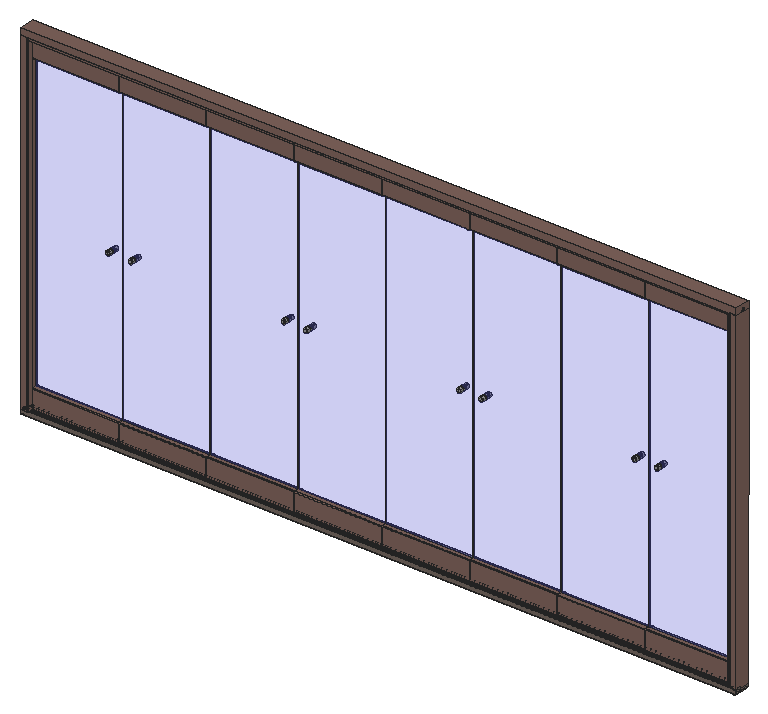
Revit family "FL8L 2385 RH", category Doors, host Wall, Revit 2015 (continued)
Automatic sketch dimensions
  Extrusion 29 sketch curve to Extrusion 29 sketch curve = 45 mm
  plane 5 to Extrusion 29 sketch curve = 188 mm
  Extrusion 29 sketch curve to Extrusion 29 sketch curve = 50 mm
  plane 5 to Extrusion 29 sketch curve = 50 mm
  Extrusion 30 sketch curve to plane 16 = 0 mm
  Extrusion 30 sketch curve to plane 15 = 0 mm
  level to Extrusion 30 sketch curve = 112 mm
  plane 5 to Extrusion 30 sketch curve = 138 mm
  Extrusion 31 sketch curve to host wall = 23 mm  (x2)
  Extrusion 31 sketch curve to Extrusion 31 sketch curve = 1.5 mm  (x2)
  level to Extrusion 31 sketch curve = 112 mm
  Extrusion 31 sketch curve to Extrusion 31 sketch curve = 50 mm  (x2)
  plane 5 to Extrusion 31 sketch curve = 188 mm
  Revolve 32 sketch curve to host wall = 24.5 mm
  Revolve 32 sketch curve to Revolve 32 sketch curve = 5 mm
  Revolve 32 sketch curve to Revolve 32 sketch curve = 2 mm  (x2)
  level to Revolve 32 sketch curve = 141.5 mm
  Revolve 32 sketch curve to Revolve 32 sketch curve = 8.5 mm
  Revolve 32 sketch curve to Revolve 32 sketch curve = 6.469 mm
  Revolve 32 sketch curve to Revolve 32 sketch curve = 5.515 mm
  Revolve 32 sketch curve to Revolve 32 sketch curve = 4.5 mm
  Revolve 33 sketch curve to host wall = 24.5 mm
  Revolve 33 sketch curve to Revolve 33 sketch curve = 5 mm
  Revolve 33 sketch curve to Revolve 33 sketch curve = 2 mm  (x2)
  level to Revolve 33 sketch curve = 152 mm
  Revolve 33 sketch curve to Revolve 33 sketch curve = 8.5 mm
  Revolve 33 sketch curve to Revolve 33 sketch curve = 6.469 mm
  Revolve 33 sketch curve to Revolve 33 sketch curve = 5.515 mm
  Revolve 33 sketch curve to Revolve 33 sketch curve = 4.5 mm
  Revolve 34 sketch curve to host wall = 24.5 mm
  Revolve 34 sketch curve to Revolve 34 sketch curve = 5 mm
  Revolve 34 sketch curve to Revolve 34 sketch curve = 2 mm  (x2)
  plane 5 to Revolve 34 sketch curve = 158.5 mm
  Revolve 34 sketch curve to Revolve 34 sketch curve = 8.5 mm
  Revolve 34 sketch curve to Revolve 34 sketch curve = 6.469 mm
  Revolve 34 sketch curve to Revolve 34 sketch curve = 5.515 mm
  Revolve 34 sketch curve to Revolve 34 sketch curve = 4.5 mm
  Revolve 35 sketch curve to host wall = 24.5 mm
  Revolve 35 sketch curve to Revolve 35 sketch curve = 5 mm
  Revolve 35 sketch curve to Revolve 35 sketch curve = 2 mm  (x2)
  plane 5 to Revolve 35 sketch curve = 148 mm
  Revolve 35 sketch curve to Revolve 35 sketch curve = 8.5 mm
  Revolve 35 sketch curve to Revolve 35 sketch curve = 6.469 mm
  Revolve 35 sketch curve to Revolve 35 sketch curve = 5.515 mm
  Revolve 35 sketch curve to Revolve 35 sketch curve = 4.5 mm
  host wall to Extrusion 36 sketch curve = 20.5 mm  (x2)
  Extrusion 36 sketch curve to Extrusion 36 sketch curve = 5 mm  (x5)
  Extrusion 36 sketch curve to host wall = 13 mm  (x2)
  Extrusion 36 sketch curve to host wall = 24.5 mm
  Extrusion 36 sketch curve to Extrusion 36 sketch curve = 11.5 mm
  level to Extrusion 36 sketch curve = 24 mm
  Extrusion 36 sketch curve to Extrusion 36 sketch curve = 13 mm
  Extrusion 36 sketch curve to Extrusion 36 sketch curve = 75 mm
  Extrusion 36 sketch curve to Extrusion 36 sketch curve = 45 mm
  plane 5 to Extrusion 36 sketch curve = 188 mm
  Extrusion 36 sketch curve to Extrusion 36 sketch curve = 50 mm
  plane 5 to Extrusion 36 sketch curve = 50 mm
  Extrusion 37 sketch curve to plane 18 = 0 mm
  Extrusion 37 sketch curve to plane 17 = 0 mm
  level to Extrusion 37 sketch curve = 112 mm
  plane 5 to Extrusion 37 sketch curve = 138 mm
  Extrusion 38 sketch curve to host wall = 23 mm  (x2)
  Extrusion 38 sketch curve to Extrusion 38 sketch curve = 1.5 mm  (x2)
  level to Extrusion 38 sketch curve = 112 mm
  Extrusion 38 sketch curve to Extrusion 38 sketch curve = 50 mm  (x2)
  plane 5 to Extrusion 38 sketch curve = 188 mm
  Revolve 39 sketch curve to host wall = 24.5 mm
  Revolve 39 sketch curve to Revolve 39 sketch curve = 5 mm
  Revolve 39 sketch curve to Revolve 39 sketch curve = 2 mm  (x2)
  level to Revolve 39 sketch curve = 141.5 mm
  Revolve 39 sketch curve to Revolve 39 sketch curve = 8.5 mm
  Revolve 39 sketch curve to Revolve 39 sketch curve = 6.469 mm
  Revolve 39 sketch curve to Revolve 39 sketch curve = 5.515 mm
  Revolve 39 sketch curve to Revolve 39 sketch curve = 4.5 mm
  Revolve 40 sketch curve to host wall = 24.5 mm
  Revolve 40 sketch curve to Revolve 40 sketch curve = 5 mm
  Revolve 40 sketch curve to Revolve 40 sketch curve = 2 mm  (x2)
  level to Revolve 40 sketch curve = 152 mm
  Revolve 40 sketch curve to Revolve 40 sketch curve = 8.5 mm
  Revolve 40 sketch curve to Revolve 40 sketch curve = 6.469 mm
  Revolve 40 sketch curve to Revolve 40 sketch curve = 5.515 mm
  Revolve 40 sketch curve to Revolve 40 sketch curve = 4.5 mm
  Revolve 41 sketch curve to host wall = 24.5 mm
  Revolve 41 sketch curve to Revolve 41 sketch curve = 5 mm
  Revolve 41 sketch curve to Revolve 41 sketch curve = 2 mm  (x2)
  plane 5 to Revolve 41 sketch curve = 158.5 mm
  Revolve 41 sketch curve to Revolve 41 sketch curve = 8.5 mm
  Revolve 41 sketch curve to Revolve 41 sketch curve = 6.469 mm
  Revolve 41 sketch curve to Revolve 41 sketch curve = 5.515 mm
  Revolve 41 sketch curve to Revolve 41 sketch curve = 4.5 mm
  Revolve 42 sketch curve to host wall = 24.5 mm
  Revolve 42 sketch curve to Revolve 42 sketch curve = 5 mm
  Revolve 42 sketch curve to Revolve 42 sketch curve = 2 mm  (x2)
  plane 5 to Revolve 42 sketch curve = 148 mm
  Revolve 42 sketch curve to Revolve 42 sketch curve = 8.5 mm
  Revolve 42 sketch curve to Revolve 42 sketch curve = 6.469 mm
  Revolve 42 sketch curve to Revolve 42 sketch curve = 5.515 mm
  Revolve 42 sketch curve to Revolve 42 sketch curve = 4.5 mm
  host wall to Extrusion 43 sketch curve = 20.5 mm  (x2)
  Extrusion 43 sketch curve to Extrusion 43 sketch curve = 5 mm  (x5)
  Extrusion 43 sketch curve to host wall = 13 mm  (x2)
  Extrusion 43 sketch curve to host wall = 24.5 mm
  Extrusion 43 sketch curve to Extrusion 43 sketch curve = 11.5 mm
  level to Extrusion 43 sketch curve = 24 mm
  Extrusion 43 sketch curve to Extrusion 43 sketch curve = 13 mm
  Extrusion 43 sketch curve to Extrusion 43 sketch curve = 75 mm
  Extrusion 43 sketch curve to Extrusion 43 sketch curve = 45 mm
  plane 5 to Extrusion 43 sketch curve = 188 mm
  Extrusion 43 sketch curve to Extrusion 43 sketch curve = 50 mm
  plane 5 to Extrusion 43 sketch curve = 50 mm
  Extrusion 44 sketch curve to plane 20 = 0 mm
  Extrusion 44 sketch curve to plane 19 = 0 mm
  level to Extrusion 44 sketch curve = 112 mm
  plane 5 to Extrusion 44 sketch curve = 138 mm
  Extrusion 45 sketch curve to host wall = 23 mm  (x2)
  Extrusion 45 sketch curve to Extrusion 45 sketch curve = 1.5 mm  (x2)
  level to Extrusion 45 sketch curve = 112 mm
  Extrusion 45 sketch curve to Extrusion 45 sketch curve = 50 mm  (x2)
  plane 5 to Extrusion 45 sketch curve = 188 mm
  Revolve 46 sketch curve to host wall = 24.5 mm
  Revolve 46 sketch curve to Revolve 46 sketch curve = 5 mm
  Revolve 46 sketch curve to Revolve 46 sketch curve = 2 mm  (x2)
  level to Revolve 46 sketch curve = 141.5 mm
  Revolve 46 sketch curve to Revolve 46 sketch curve = 8.5 mm
  Revolve 46 sketch curve to Revolve 46 sketch curve = 6.469 mm
  Revolve 46 sketch curve to Revolve 46 sketch curve = 5.515 mm
  Revolve 46 sketch curve to Revolve 46 sketch curve = 4.5 mm
  Revolve 47 sketch curve to host wall = 24.5 mm
  Revolve 47 sketch curve to Revolve 47 sketch curve = 5 mm
  Revolve 47 sketch curve to Revolve 47 sketch curve = 2 mm  (x2)
  level to Revolve 47 sketch curve = 152 mm
  Revolve 47 sketch curve to Revolve 47 sketch curve = 8.5 mm
  Revolve 47 sketch curve to Revolve 47 sketch curve = 6.469 mm
  Revolve 47 sketch curve to Revolve 47 sketch curve = 5.515 mm
  Revolve 47 sketch curve to Revolve 47 sketch curve = 4.5 mm
  Revolve 48 sketch curve to host wall = 24.5 mm
  Revolve 48 sketch curve to Revolve 48 sketch curve = 5 mm
  Revolve 48 sketch curve to Revolve 48 sketch curve = 2 mm  (x2)
  plane 5 to Revolve 48 sketch curve = 158.5 mm
  Revolve 48 sketch curve to Revolve 48 sketch curve = 8.5 mm
  Revolve 48 sketch curve to Revolve 48 sketch curve = 6.469 mm
  Revolve 48 sketch curve to Revolve 48 sketch curve = 5.515 mm
  Revolve 48 sketch curve to Revolve 48 sketch curve = 4.5 mm
  Revolve 49 sketch curve to host wall = 24.5 mm
  Revolve 49 sketch curve to Revolve 49 sketch curve = 5 mm
  Revolve 49 sketch curve to Revolve 49 sketch curve = 2 mm  (x2)
  plane 5 to Revolve 49 sketch curve = 148 mm
  Revolve 49 sketch curve to Revolve 49 sketch curve = 8.5 mm
  Revolve 49 sketch curve to Revolve 49 sketch curve = 6.469 mm
  Revolve 49 sketch curve to Revolve 49 sketch curve = 5.515 mm
  Revolve 49 sketch curve to Revolve 49 sketch curve = 4.5 mm
  host wall to Extrusion 50 sketch curve = 20.5 mm  (x2)
  Extrusion 50 sketch curve to Extrusion 50 sketch curve = 5 mm  (x5)
  Extrusion 50 sketch curve to host wall = 13 mm  (x2)
  Extrusion 50 sketch curve to host wall = 24.5 mm
  Extrusion 50 sketch curve to Extrusion 50 sketch curve = 11.5 mm
  level to Extrusion 50 sketch curve = 24 mm
  Extrusion 50 sketch curve to Extrusion 50 sketch curve = 13 mm
  Extrusion 50 sketch curve to Extrusion 50 sketch curve = 75 mm
  Extrusion 50 sketch curve to Extrusion 50 sketch curve = 45 mm
  plane 5 to Extrusion 50 sketch curve = 188 mm
  Extrusion 50 sketch curve to Extrusion 50 sketch curve = 50 mm
  plane 5 to Extrusion 50 sketch curve = 50 mm
  Extrusion 51 sketch curve to plane 22 = 0 mm
  Extrusion 51 sketch curve to plane 21 = 0 mm
  level to Extrusion 51 sketch curve = 112 mm
  plane 5 to Extrusion 51 sketch curve = 138 mm
  Extrusion 52 sketch curve to host wall = 23 mm  (x2)
  Extrusion 52 sketch curve to Extrusion 52 sketch curve = 1.5 mm  (x2)
  level to Extrusion 52 sketch curve = 112 mm
  Extrusion 52 sketch curve to Extrusion 52 sketch curve = 50 mm  (x2)
  plane 5 to Extrusion 52 sketch curve = 188 mm
  Revolve 53 sketch curve to host wall = 24.5 mm
  Revolve 53 sketch curve to Revolve 53 sketch curve = 5 mm
  Revolve 53 sketch curve to Revolve 53 sketch curve = 2 mm  (x2)
  level to Revolve 53 sketch curve = 141.5 mm
  Revolve 53 sketch curve to Revolve 53 sketch curve = 8.5 mm
  Revolve 53 sketch curve to Revolve 53 sketch curve = 6.469 mm
  Revolve 53 sketch curve to Revolve 53 sketch curve = 5.515 mm
  Revolve 53 sketch curve to Revolve 53 sketch curve = 4.5 mm
  Revolve 54 sketch curve to host wall = 24.5 mm
  Revolve 54 sketch curve to Revolve 54 sketch curve = 5 mm
  Revolve 54 sketch curve to Revolve 54 sketch curve = 2 mm  (x2)
  level to Revolve 54 sketch curve = 152 mm
  Revolve 54 sketch curve to Revolve 54 sketch curve = 8.5 mm
  Revolve 54 sketch curve to Revolve 54 sketch curve = 6.469 mm
  Revolve 54 sketch curve to Revolve 54 sketch curve = 5.515 mm
  Revolve 54 sketch curve to Revolve 54 sketch curve = 4.5 mm
  Revolve 55 sketch curve to host wall = 24.5 mm
  Revolve 55 sketch curve to Revolve 55 sketch curve = 5 mm
  Revolve 55 sketch curve to Revolve 55 sketch curve = 2 mm  (x2)
  plane 5 to Revolve 55 sketch curve = 158.5 mm
  Revolve 55 sketch curve to Revolve 55 sketch curve = 8.5 mm
  Revolve 55 sketch curve to Revolve 55 sketch curve = 6.469 mm
  Revolve 55 sketch curve to Revolve 55 sketch curve = 5.515 mm
  Revolve 55 sketch curve to Revolve 55 sketch curve = 4.5 mm
  Revolve 56 sketch curve to host wall = 24.5 mm
  Revolve 56 sketch curve to Revolve 56 sketch curve = 5 mm
  Revolve 56 sketch curve to Revolve 56 sketch curve = 2 mm  (x2)
  plane 5 to Revolve 56 sketch curve = 148 mm
  Revolve 56 sketch curve to Revolve 56 sketch curve = 8.5 mm
  Revolve 56 sketch curve to Revolve 56 sketch curve = 6.469 mm
  Revolve 56 sketch curve to Revolve 56 sketch curve = 5.515 mm
  Revolve 56 sketch curve to Revolve 56 sketch curve = 4.5 mm
  host wall to Extrusion 57 sketch curve = 20.5 mm  (x2)
  Extrusion 57 sketch curve to Extrusion 57 sketch curve = 5 mm  (x5)
  Extrusion 57 sketch curve to host wall = 13 mm  (x2)
  Extrusion 57 sketch curve to host wall = 24.5 mm
  Extrusion 57 sketch curve to Extrusion 57 sketch curve = 11.5 mm
  level to Extrusion 57 sketch curve = 24 mm
  Extrusion 57 sketch curve to Extrusion 57 sketch curve = 13 mm
  Extrusion 57 sketch curve to Extrusion 57 sketch curve = 75 mm
  Extrusion 57 sketch curve to Extrusion 57 sketch curve = 45 mm
  plane 5 to Extrusion 57 sketch curve = 188 mm
  Extrusion 57 sketch curve to Extrusion 57 sketch curve = 50 mm
  plane 5 to Extrusion 57 sketch curve = 50 mm
  Extrusion 58 sketch curve to plane 24 = 0 mm
  Extrusion 58 sketch curve to plane 23 = 0 mm
  level to Extrusion 58 sketch curve = 112 mm
  plane 5 to Extrusion 58 sketch curve = 138 mm
  Extrusion 59 sketch curve to host wall = 23 mm  (x2)
  Extrusion 59 sketch curve to Extrusion 59 sketch curve = 1.5 mm  (x2)
  level to Extrusion 59 sketch curve = 112 mm
  Extrusion 59 sketch curve to Extrusion 59 sketch curve = 50 mm  (x2)
  plane 5 to Extrusion 59 sketch curve = 188 mm
  Revolve 60 sketch curve to host wall = 24.5 mm
  Revolve 60 sketch curve to Revolve 60 sketch curve = 5 mm
  Revolve 60 sketch curve to Revolve 60 sketch curve = 2 mm  (x2)
  level to Revolve 60 sketch curve = 141.5 mm
  Revolve 60 sketch curve to Revolve 60 sketch curve = 8.5 mm
  Revolve 60 sketch curve to Revolve 60 sketch curve = 6.469 mm
  Revolve 60 sketch curve to Revolve 60 sketch curve = 5.515 mm
  Revolve 60 sketch curve to Revolve 60 sketch curve = 4.5 mm
  Revolve 61 sketch curve to host wall = 24.5 mm
  Revolve 61 sketch curve to Revolve 61 sketch curve = 5 mm
  Revolve 61 sketch curve to Revolve 61 sketch curve = 2 mm  (x2)
  level to Revolve 61 sketch curve = 152 mm
  Revolve 61 sketch curve to Revolve 61 sketch curve = 8.5 mm
  Revolve 61 sketch curve to Revolve 61 sketch curve = 6.469 mm
  Revolve 61 sketch curve to Revolve 61 sketch curve = 5.515 mm
  Revolve 61 sketch curve to Revolve 61 sketch curve = 4.5 mm
  Revolve 62 sketch curve to host wall = 24.5 mm
  Revolve 62 sketch curve to Revolve 62 sketch curve = 5 mm
  Revolve 62 sketch curve to Revolve 62 sketch curve = 2 mm  (x2)
  plane 5 to Revolve 62 sketch curve = 158.5 mm
  Revolve 62 sketch curve to Revolve 62 sketch curve = 8.5 mm
  Revolve 62 sketch curve to Revolve 62 sketch curve = 6.469 mm
  Revolve 62 sketch curve to Revolve 62 sketch curve = 5.515 mm
  Revolve 62 sketch curve to Revolve 62 sketch curve = 4.5 mm
  Revolve 63 sketch curve to host wall = 24.5 mm
  Revolve 63 sketch curve to Revolve 63 sketch curve = 5 mm
  Revolve 63 sketch curve to Revolve 63 sketch curve = 2 mm  (x2)
  plane 5 to Revolve 63 sketch curve = 148 mm
  Revolve 63 sketch curve to Revolve 63 sketch curve = 8.5 mm
  Revolve 63 sketch curve to Revolve 63 sketch curve = 6.469 mm
  Revolve 63 sketch curve to Revolve 63 sketch curve = 5.515 mm
  Revolve 63 sketch curve to Revolve 63 sketch curve = 4.5 mm
  Revolve 64 sketch curve to host wall = 23 mm
  Revolve 64 sketch curve to Revolve 64 sketch curve = 3 mm
  Revolve 64 sketch curve to Revolve 64 sketch curve = 5 mm  (x2)
  Revolve 64 sketch curve to Revolve 64 sketch curve = 16 mm
  Revolve 64 sketch curve to Revolve 64 sketch curve = 1 mm  (x2)
  level to Revolve 64 sketch curve = 1179.5 mm
  Revolve 64 sketch curve to Revolve 64 sketch curve = 10 mm
  Revolve 64 sketch curve to Revolve 64 sketch curve = 14 mm
  Revolve 64 sketch curve to Revolve 64 sketch curve = 0 mm  (x3)
  Revolve 65 sketch curve to host wall = 0 mm
  Revolve 65 sketch curve to host wall = 5 mm
  Revolve 65 sketch curve to Revolve 65 sketch curve = 5 mm
  Revolve 65 sketch curve to Revolve 65 sketch curve = 3 mm
  host wall to Revolve 65 sketch curve = 16 mm
  Revolve 65 sketch curve to Revolve 65 sketch curve = 1 mm  (x2)
  plane 5 to Revolve 65 sketch curve = 1190.5 mm
  Revolve 65 sketch curve to Revolve 65 sketch curve = 0 mm  (x4)
  Revolve 65 sketch curve to Revolve 65 sketch curve = 14 mm
  Revolve 66 sketch curve to host wall = 23 mm
  Revolve 66 sketch curve to Revolve 66 sketch curve = 3 mm
  Revolve 66 sketch curve to Revolve 66 sketch curve = 5 mm  (x2)
  Revolve 66 sketch curve to Revolve 66 sketch curve = 16 mm
  Revolve 66 sketch curve to Revolve 66 sketch curve = 1 mm  (x2)
  level to Revolve 66 sketch curve = 1179.5 mm
  Revolve 66 sketch curve to Revolve 66 sketch curve = 10 mm
  Revolve 66 sketch curve to Revolve 66 sketch curve = 14 mm
  Revolve 66 sketch curve to Revolve 66 sketch curve = 0 mm  (x3)
  Revolve 67 sketch curve to host wall = 0 mm
  Revolve 67 sketch curve to host wall = 5 mm
  Revolve 67 sketch curve to Revolve 67 sketch curve = 5 mm
  Revolve 67 sketch curve to Revolve 67 sketch curve = 3 mm
  host wall to Revolve 67 sketch curve = 16 mm
  Revolve 67 sketch curve to Revolve 67 sketch curve = 1 mm  (x2)
  plane 5 to Revolve 67 sketch curve = 1190.5 mm
  Revolve 67 sketch curve to Revolve 67 sketch curve = 0 mm  (x4)
  Revolve 67 sketch curve to Revolve 67 sketch curve = 14 mm
  Revolve 68 sketch curve to host wall = 23 mm
  Revolve 68 sketch curve to Revolve 68 sketch curve = 3 mm
  Revolve 68 sketch curve to Revolve 68 sketch curve = 5 mm  (x2)
  Revolve 68 sketch curve to Revolve 68 sketch curve = 16 mm
  Revolve 68 sketch curve to Revolve 68 sketch curve = 1 mm  (x2)
  level to Revolve 68 sketch curve = 1179.5 mm
  Revolve 68 sketch curve to Revolve 68 sketch curve = 10 mm
  Revolve 68 sketch curve to Revolve 68 sketch curve = 14 mm
  Revolve 68 sketch curve to Revolve 68 sketch curve = 0 mm  (x3)
  Revolve 69 sketch curve to host wall = 0 mm
  Revolve 69 sketch curve to host wall = 5 mm
  Revolve 69 sketch curve to Revolve 69 sketch curve = 5 mm
  Revolve 69 sketch curve to Revolve 69 sketch curve = 3 mm
  host wall to Revolve 69 sketch curve = 16 mm
  Revolve 69 sketch curve to Revolve 69 sketch curve = 1 mm  (x2)
  plane 5 to Revolve 69 sketch curve = 1190.5 mm
  Revolve 69 sketch curve to Revolve 69 sketch curve = 0 mm  (x4)
  Revolve 69 sketch curve to Revolve 69 sketch curve = 14 mm
  Revolve 70 sketch curve to host wall = 23 mm
  Revolve 70 sketch curve to Revolve 70 sketch curve = 3 mm
  Revolve 70 sketch curve to Revolve 70 sketch curve = 5 mm  (x2)
  Revolve 70 sketch curve to Revolve 70 sketch curve = 16 mm
  Revolve 70 sketch curve to Revolve 70 sketch curve = 1 mm  (x2)
  level to Revolve 70 sketch curve = 1179.5 mm
  Revolve 70 sketch curve to Revolve 70 sketch curve = 10 mm
  Revolve 70 sketch curve to Revolve 70 sketch curve = 14 mm
  Revolve 70 sketch curve to Revolve 70 sketch curve = 0 mm  (x3)
  Revolve 71 sketch curve to host wall = 0 mm
  Revolve 71 sketch curve to host wall = 5 mm
  Revolve 71 sketch curve to Revolve 71 sketch curve = 5 mm
  Revolve 71 sketch curve to Revolve 71 sketch curve = 3 mm
  host wall to Revolve 71 sketch curve = 16 mm
  Revolve 71 sketch curve to Revolve 71 sketch curve = 1 mm  (x2)
  plane 5 to Revolve 71 sketch curve = 1190.5 mm
  Revolve 71 sketch curve to Revolve 71 sketch curve = 0 mm  (x4)
  Revolve 71 sketch curve to Revolve 71 sketch curve = 14 mm
  Revolve 72 sketch curve to host wall = 23 mm
  Revolve 72 sketch curve to Revolve 72 sketch curve = 3 mm
  Revolve 72 sketch curve to Revolve 72 sketch curve = 5 mm  (x2)
  Revolve 72 sketch curve to Revolve 72 sketch curve = 16 mm
  Revolve 72 sketch curve to Revolve 72 sketch curve = 1 mm  (x2)
  plane 5 to Revolve 72 sketch curve = 1190.5 mm
  Revolve 72 sketch curve to Revolve 72 sketch curve = 0 mm  (x4)
  Revolve 72 sketch curve to Revolve 72 sketch curve = 14 mm
  Revolve 73 sketch curve to host wall = 23 mm
  Revolve 73 sketch curve to Revolve 73 sketch curve = 3 mm
  Revolve 73 sketch curve to Revolve 73 sketch curve = 5 mm  (x2)
  Revolve 73 sketch curve to Revolve 73 sketch curve = 16 mm
  Revolve 73 sketch curve to Revolve 73 sketch curve = 1 mm  (x2)
  plane 5 to Revolve 73 sketch curve = 1190.5 mm
  Revolve 73 sketch curve to Revolve 73 sketch curve = 0 mm  (x4)
  Revolve 73 sketch curve to Revolve 73 sketch curve = 14 mm
  Revolve 74 sketch curve to host wall = 23 mm
  Revolve 74 sketch curve to Revolve 74 sketch curve = 3 mm
  Revolve 74 sketch curve to Revolve 74 sketch curve = 5 mm  (x2)
  Revolve 74 sketch curve to Revolve 74 sketch curve = 16 mm
  Revolve 74 sketch curve to Revolve 74 sketch curve = 1 mm  (x2)
  plane 5 to Revolve 74 sketch curve = 1190.5 mm
  Revolve 74 sketch curve to Revolve 74 sketch curve = 0 mm  (x4)
  Revolve 74 sketch curve to Revolve 74 sketch curve = 14 mm
  Revolve 75 sketch curve to host wall = 23 mm
  Revolve 75 sketch curve to Revolve 75 sketch curve = 3 mm
  Revolve 75 sketch curve to Revolve 75 sketch curve = 5 mm  (x2)
  Revolve 75 sketch curve to Revolve 75 sketch curve = 16 mm
  Revolve 75 sketch curve to Revolve 75 sketch curve = 1 mm  (x2)
  plane 5 to Revolve 75 sketch curve = 1190.5 mm
  Revolve 75 sketch curve to Revolve 75 sketch curve = 0 mm  (x4)
  Revolve 75 sketch curve to Revolve 75 sketch curve = 14 mm
  Revolve 76 sketch curve to host wall = 0 mm
  Revolve 76 sketch curve to host wall = 5 mm
  Revolve 76 sketch curve to Revolve 76 sketch curve = 5 mm
  Revolve 76 sketch curve to Revolve 76 sketch curve = 3 mm
  host wall to Revolve 76 sketch curve = 16 mm
  Revolve 76 sketch curve to Revolve 76 sketch curve = 1 mm  (x2)
  level to Revolve 76 sketch curve = 1179.5 mm
  Revolve 76 sketch curve to Revolve 76 sketch curve = 10 mm
  Revolve 76 sketch curve to Revolve 76 sketch curve = 14 mm
  Revolve 76 sketch curve to Revolve 76 sketch curve = 0 mm  (x3)
  Revolve 77 sketch curve to host wall = 0 mm
  Revolve 77 sketch curve to host wall = 5 mm
  Revolve 77 sketch curve to Revolve 77 sketch curve = 5 mm
  Revolve 77 sketch curve to Revolve 77 sketch curve = 3 mm
  host wall to Revolve 77 sketch curve = 16 mm
  Revolve 77 sketch curve to Revolve 77 sketch curve = 1 mm  (x2)
  level to Revolve 77 sketch curve = 1179.5 mm
  Revolve 77 sketch curve to Revolve 77 sketch curve = 10 mm
  Revolve 77 sketch curve to Revolve 77 sketch curve = 14 mm
  Revolve 77 sketch curve to Revolve 77 sketch curve = 0 mm  (x3)
  Revolve 78 sketch curve to host wall = 0 mm
  Revolve 78 sketch curve to host wall = 5 mm
  Revolve 78 sketch curve to Revolve 78 sketch curve = 5 mm
  Revolve 78 sketch curve to Revolve 78 sketch curve = 3 mm
  host wall to Revolve 78 sketch curve = 16 mm
  Revolve 78 sketch curve to Revolve 78 sketch curve = 1 mm  (x2)
  level to Revolve 78 sketch curve = 1179.5 mm
  Revolve 78 sketch curve to Revolve 78 sketch curve = 10 mm
  Revolve 78 sketch curve to Revolve 78 sketch curve = 14 mm
  Revolve 78 sketch curve to Revolve 78 sketch curve = 0 mm  (x3)
  Revolve 79 sketch curve to host wall = 0 mm
  Revolve 79 sketch curve to host wall = 5 mm
  Revolve 79 sketch curve to Revolve 79 sketch curve = 5 mm
  Revolve 79 sketch curve to Revolve 79 sketch curve = 3 mm
  host wall to Revolve 79 sketch curve = 16 mm
  Revolve 79 sketch curve to Revolve 79 sketch curve = 1 mm  (x2)
  level to Revolve 79 sketch curve = 1179.5 mm
  Revolve 79 sketch curve to Revolve 79 sketch curve = 10 mm
  Revolve 79 sketch curve to Revolve 79 sketch curve = 14 mm
  Revolve 79 sketch curve to Revolve 79 sketch curve = 0 mm  (x3)
  curve 42 to plane 9 = 0 mm
  curve 43 to plane 9 = 205.212 mm
  curve 47 to curve 42 = 42.286 mm
  curve 45 to curve 43 = 42.286 mm
  curve 45 to host wall = 35.717 mm
  plane 10 to curve 45 = 104.782 mm
  curve 49 to plane 11 = 96.651 mm
  curve 49 to curve 48 = 42.286 mm
  curve 56 to curve 54 = 42.286 mm
  curve 53 to host wall = 35.717 mm
  plane 12 to curve 53 = 213.343 mm
  plane 12 to curve 55 = 7.91 mm
  curve 52 to plane 13 = 30.376 mm
  plane 22 to curve 40 = 136.937 mm
  curve 40 to curve 40 = 42.286 mm
  curve 36 to host wall = 35.717 mm
  curve 36 to plane 23 = 106.782 mm
  plane 24 to curve 37 = 287.784 mm
  curve 37 to curve 36 = 42.286 mm
  curve 33 to curve 37 = 42.286 mm
  host wall to curve 41 = 513.316 mm
  host wall to curve 55 = 513.316 mm
  curve 54 to curve 51 = 15.391 mm
  curve 34 to curve 39 = 15.391 mm
  curve 43 to curve 48 = 15.391 mm
  curve 43 to curve 43 = 15.391 mm
  curve 37 to curve 34 = 15.391 mm
  curve 44 to host wall = 24.5 mm
  curve 47 to host wall = 24.5 mm
  curve 50 to host wall = 24.5 mm
  curve 50 to curve 45 = 42.507 mm
  curve 54 to host wall = 24.5 mm
  curve 51 to curve 54 = 42.507 mm
  curve 52 to host wall = 24.5 mm
  curve 41 to host wall = 24.5 mm
  curve 38 to host wall = 24.5 mm
  curve 35 to host wall = 24.5 mm
  curve 33 to plane 24 = 2 mm
